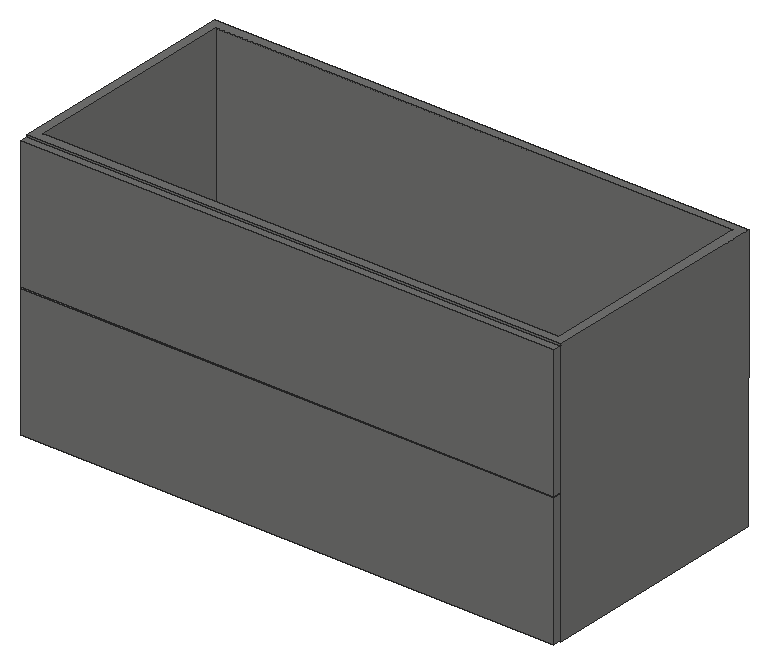
Revit family "Shape190807", category Furniture, Revit 2019
Family settings
  OmniClass Number = 23.40.20.00
  OmniClass Title = General Furniture and Specialties
  Work Plane-Based = No
  Always vertical = Yes
  Cut with Voids When Loaded = No
  Shared = No
  Room Calculation Point = No
Parameters (values of type "Shape 1000 anthracite matt")
  Width = 1000 mm
  URL = ""
  Svulsthöjd = 752.398 mm
  Model = ""
  Manufacturer = ""
  GTIN = "7330027109602"
  Fronts material = "MDF moisture resistand E1 and FSC resistant."
  Finish = NCS S 8000-N 10% gloss
  Depth = 439 mm
  Body material = "Chip board moisture resistant E1 and FSC certified"
  Article number = "1390216"
Types (31, lengths in mm): name | Width | URL | Model | Manufacturer | GTIN | Fronts material | Finish | Depth | Article number
  (no name) | 1000 | "" | "" | "" | "7330027109602" | "MDF moisture resistand E1 and FSC resistant." | NCS S 8000-N 10% gloss | 439 | "1390216"
  Shape 600 white matt | 600 | "www.hafa.se" | "Shape" | "Hafa Bathroom Group AB" | "7330027109442" | "MDF moisture resistand E1 and FSC resistant." | NCS S 0300-N 20% gloss | 439 | "1390200"
  Shape 800 white matt | 800 | "" | "" | "" | "7330027109497" | "MDF moisture resistand E1 and FSC resistant." | NCS S 0300-N 20% gloss | 439 | "1390205"
  Shape 900 white matt | 900 | "" | "" | "" | "7330027109541" | "MDF moisture resistand E1 and FSC resistant." | NCS S 0300-N 20% gloss | 439 | "1390210"
  Shape 1000 white matt | 1000 | "" | "" | "" | "7330027109596" | "MDF moisture resistand E1 and FSC resistant." | NCS S 0300-N 20% gloss | 439 | "1390215"
  Shape compact 600 white matt | 600 | "" | "" | "" | "7330027109688" | "MDF moisture resistand E1 and FSC resistant." | NCS S 0300-N 20% gloss | 369 | "1390224"
  Shape compact 800 white matt | 800 | "" | "" | "" | "7330027109770" | "MDF moisture resistand E1 and FSC resistant." | NCS S 0300-N 20% gloss | 369 | "1390233"
  Shape 600 grey matt | 600 | "" | "" | "" | "7330027109473" | "MDF moisture resistand E1 and FSC resistant." | NCS S 4500-N 10% gloss | 439 | "1390203"
  Shape 1000 grey matt | 1000 | "" | "" | "" | "7330027109626" | "MDF moisture resistand E1 and FSC resistant." | NCS S 4500-N 10% gloss | 439 | "1390218"
  Shape 800 grey matt | 800 | "" | "" | "" | "7330027109527" | "MDF moisture resistand E1 and FSC resistant." | NCS S 4500-N 10% gloss | 439 | "1390208"
  Shape 900 grey matt | 900 | "" | "" | "" | "7330027109572" | "MDF moisture resistand E1 and FSC resistant." | NCS S 4500-N 10% gloss | 439 | "1390213"
  Shape compact 600 grey matt | 600 | "" | "" | "" | "7330027109718" | "MDF moisture resistand E1 and FSC resistant." | NCS S 4500-N 10% gloss | 369 | "1390227"
  Shape compact 800 grey matt | 800 | "" | "" | "" | "7330027109800" | "MDF moisture resistand E1 and FSC resistant." | NCS S 4500-N 10% gloss | 369 | "1390236"
  Shape 600 Ash foil | 600 | "" | "" | "" | "7330027109480" | "MDF moisture resistand E1 and FSC resistant." | Ash foil | 439 | "1390204"
  Shape 1000 anthracite matt | 1000 | "" | "" | "" | "7330027109602" | "MDF moisture resistand E1 and FSC resistant." | NCS S 8000-N 10% gloss | 439 | "1390216"
  Shape 1000 ash foil | 1000 | "" | "" | "" | "7330027109633" | "MDF moisture resistand E1 and FSC resistant." | Ash foil | 439 | "1390219"
  Shape 1000 white high gloss | 1000 | "" | "" | "" | "7330027109619" | "MDF moisture resistand E1 and FSC resistant." | NCS S 0300-N 90% gloss | 439 | "1390217"
  Shape 600 white high gloss | 600 | "www.hafa.se" | "Shape" | "Hafa Bathroom Group AB" | "7330027109466" | "MDF moisture resistand E1 and FSC resistant." | NCS S 0300-N 90% gloss | 439 | "1390202"
  Shape 600 anthracite matt | 600 | "www.hafa.se" | "Shape" | "Hafa Bathroom Group AB" | "7330027109459" | "MDF moisture resistand E1 and FSC resistant." | NCS S 8000-N 10% gloss | 439 | "1390201"
  Shape 800 ash foil | 800 | "" | "" | "" | "7330027109534" | "MDF moisture resistand E1 and FSC resistant." | Ash foil | 439 | "1390209"
  Shape 800 white high gloss | 800 | "" | "" | "" | "7330027109510" | "MDF moisture resistand E1 and FSC resistant." | NCS S 0300-N 90% gloss | 439 | "1390207"
  Shape 800 anthractie matt | 800 | "" | "" | "" | "7330027109503" | "MDF moisture resistand E1 and FSC resistant." | NCS S 8000-N 10% gloss | 439 | "1390206"
  Shape 900 white high gloss | 900 | "" | "" | "" | "7330027109565" | "MDF moisture resistand E1 and FSC resistant." | NCS S 0300-N 90% gloss | 439 | "1390212"
  Shape 900 ash foil | 900 | "" | "" | "" | "7330027109589" | "MDF moisture resistand E1 and FSC resistant." | Ash foil | 439 | "1390214"
  Shape 900 anthracite matt | 900 | "" | "" | "" | "7330027109558" | "MDF moisture resistand E1 and FSC resistant." | NCS S 8000-N 10% gloss | 439 | "1390211"
  Shape compact 600 white high gloss | 600 | "" | "" | "" | "7330027109701" | "MDF moisture resistand E1 and FSC resistant." | NCS S 0300-N 90% gloss | 369 | "1390226"
  Shape compact 600 anthracite matt | 600 | "" | "" | "" | "7330027109695" | "MDF moisture resistand E1 and FSC resistant." | NCS S 8000-N 10% gloss | 369 | "1390225"
  Shape compact 600 ash foil | 600 | "" | "" | "" | "7330027109725" | "" | Ash foil | 369 | "1390228"
  Shape compact 800 white high gloss | 800 | "" | "" | "" | "7330027109794" | "MDF moisture resistand E1 and FSC resistant." | NCS S 0300-N 90% gloss | 369 | "1390235"
  Shape compact 800 ash foil | 800 | "" | "" | "" | "7330027109817" | "MDF moisture resistand E1 and FSC resistant." | Ash foil | 369 | "1390237"
  Shape compact 800 anthracite matt | 800 | "" | "" | "" | "7330027109787" | "MDF moisture resistand E1 and FSC resistant." | NCS S 8000-N 10% gloss | 369 | "1390234"
Reference planes
  plane 1 "Center (Front/Back)": y = 0
  plane 2: z = 0
  plane 3 "Center (Left/Right)": x = 0
  plane 4: x = -500
  plane 5: x = 500
  plane 6 "back": y = 219.5
  plane 7 "front": y = -219.5
  plane 8 "svulsthöjd": z = 752.398
  plane 9 "mitt": z = 502.5
  plane 10: x = -484
  plane 11: x = 484
  plane 12: z = 268.602
  plane 13: z = 252.602
  plane 14: y = -203.5
  plane 15: y = 203.5
Forms (mm)
  Extrusion 1, solid, material "NCS S 8000-N 10% gloss" <- "Finish"
    sketch origin (0, 0, 752.398) x (-1, 0, 0) y (0, -1, 0)
      loop
        line (500, -219.5) -> (500, 219.5) -> (-500, 219.5) -> (-500, -219.5) -> (500, -219.5)
    from 0 to -499.796
  Extrusion 2, solid, material "NCS S 8000-N 10% gloss" <- "Finish"
    sketch origin (0, -219.5, 0) x (-1, 0, 0) y (0, 0, 1)
      loop
        line (500, 749.398) -> (-500, 749.398) -> (-500, 504) -> (500, 504) -> (500, 749.398)
      loop
        line (500, 255.602) -> (500, 501) -> (-500, 501) -> (-500, 255.602) -> (500, 255.602)
    from 0 to -16
  Extrusion 3, void
    sketch origin (0, 0, 752.398) x (-1, 0, 0) y (0, -1, 0)
      loop
        line (484, -203.5) -> (484, 203.5) -> (-484, 203.5) -> (-484, -203.5) -> (484, -203.5)
    from -483.796 to 0
Cuts and joins
  Extrusion 3 cuts Extrusion 1
Lines and regions (mm)
  reference lines
    curve 1: line (-484, 203.5, 752.398) -> (484, 203.5, 752.398)
    curve 2: line (-484, -203.5, 752.398) -> (-484, 203.5, 752.398)
    curve 3: line (484, -203.5, 752.398) -> (-484, -203.5, 752.398)
    curve 4: line (484, 203.5, 752.398) -> (484, -203.5, 752.398)
Dimensions and locks
  equal spacing: plane 6 "back", plane 1 "Center (Front/Back)", plane 7 "front"
  equal spacing: plane 4, plane 3 "Center (Left/Right)", plane 5
  "Width": plane 4 to plane 5
  "Depth": plane 6 "back" to plane 7 "front"
  "Svulsthöjd": plane 8 "svulsthöjd" to level
  locked: plane 8 "svulsthöjd" to plane 9 "mitt" at 249.898
  equal spacing: plane 8 "svulsthöjd", plane 9 "mitt", Extrusion 1, locked at 249.898 each
  equal spacing: Extrusion 2 sketch curve, plane 9 "mitt", Extrusion 2 sketch curve
  Extrusion 1 to Extrusion 2 sketch curve = 3 mm
  Extrusion 2 sketch curve to plane 8 "svulsthöjd" = 3 mm
  locked: plane 5 to plane 11 at 16
  locked: plane 12 to plane 13 at 16
  locked: plane 10 to plane 4 at 16
  locked: plane 14 to plane 7 "front" at 16
  locked: plane 6 "back" to plane 15 at 16
  aligned and locked: level to plane 2
  aligned and locked: Extrusion 1 sketch curve to plane 6 "back"
  aligned and locked: plane 4 to Extrusion 1 sketch curve
  aligned and locked: plane 7 "front" to Extrusion 1 sketch curve
  aligned and locked: Extrusion 1 sketch curve to plane 5
  aligned and locked: plane 10 to curve 2
  aligned and locked: curve 3 to plane 14
  aligned and locked: curve 4 to plane 11
  aligned and locked: Extrusion 3 sketch curve to curve 1
  aligned and locked: Extrusion 3 sketch curve to curve 2
  aligned and locked: Extrusion 3 sketch curve to curve 3
  aligned and locked: Extrusion 3 sketch curve to curve 4
  aligned and locked: Extrusion 3 to plane 12
  aligned and locked: plane 8 "svulsthöjd" to Extrusion 3
  aligned and locked: curve 1 to plane 15
Automatic sketch dimensions
  Extrusion 2 sketch curve to plane 5 = 0 mm  (x2)
  Extrusion 2 sketch curve to plane 4 = 0 mm  (x2)
  Extrusion 2 sketch curve to plane 9 "mitt" = 1.5 mm
